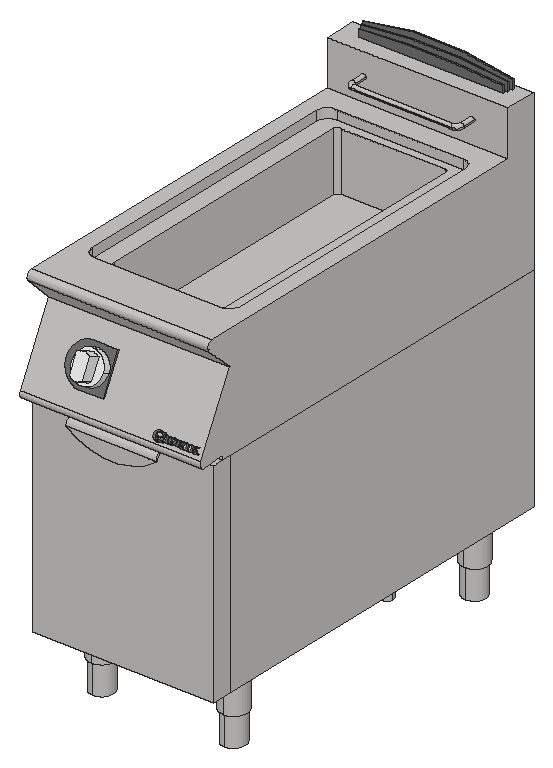
Revit family "QF_GIORIK_FG9417MP", category Specialty Equipment, Revit 2014
Parameters (values of type "FG9417MP")
  Weight in Pounds = 171.9604
  Watts = 200 W
  Volts = 230 V
  URL Cutsheet = "www.giorik.com"
  URL = "www.giorik.com"
  Status [instance] = ""
  Specification by User [instance] = ""
  Specification by Manufacturer = ""
  Show Logo [instance] = yes
  Show Clearance [instance] = yes
  Serial Number = ""
  Seismic Rating = ""
  SMACNA No = ""
  Revision Code [instance] = ""
  Phase = 1
  Number of Poles [instance] = 1
  NAFEM Spec ID Number = ""
  Model = "FG9417MP"
  Min Ckt Ampacity = 0 A
  Mechanical Remarks [instance] = "Natural Gas"
  Mechanical Connection Type [instance] = ""
  Max Overcurrent Protection = 0 A
  Masterspec = ""
  Manufacturer = "GIORIK"
  Item Number [instance] = ""
  Installed By [instance] = ""
  Identify Quantity as Lot [instance] = no
  HP = "0.268204000000"
  Gas Size = 1"
  Gas RI Height [instance] = 0 mm
  Gas KW = 16
  Gas Input = 16000 W
  Gas Connection Height [instance] = 150 mm
  Furnished By [instance] = ""
  Foodservice Equipment Identifier [instance] = yes
  FL Amps = 0 A
  Electrical Remarks [instance] = ""
  Electric Connection Type [instance] = ""
  Elec Conn RI Height [instance] = 0 mm
  Elec Conn Connection Height [instance] = 150 mm
  Description = "17 LITRE MELTING GAS FRYER."
  Cycle = 50 Hz
  Conn Plug = ""
  Conn Conduit [instance] = no
  CSI MasterFormat = ""
  Assembly Code = "E1090320"
  Apparent Power = 200 VA
Reference planes
  plane 1 "Back": y = 0
  plane 2: z = 0
  plane 3 "Left": x = 0
  plane 4 "Right": x = 400
  plane 5 "Front": y = -920
  plane 6 "Top": z = 900
Forms (mm)
  Extrusion 1, solid, visible <- "Show Logo"
    sketch origin (196.604, -936.761, 609.486) x (-1, 0, 0) y (0, 0.452718, 0.891654)
      loop
        line (-118.824, 58.358) -> (-127.804, 58.358) -> (-125.523, 56.445) -> (-125.523, 48.027) -> (-127.804, 46.113) -> (-118.824, 46.113) -> (-121.105, 48.027) -> (-121.105, 56.445) -> (-118.824, 58.358)
      loop
        line (-163.721, 58.358) -> (-172.7, 58.358) -> (-170.42, 56.445) -> (-170.42, 48.027) -> (-172.7, 46.113) -> (-163.721, 46.113) -> (-166.001, 48.027) -> (-166.001, 56.445) -> (-163.721, 58.358)
      loop
        line (-174.332, 58.358) -> (-183.312, 58.358) -> (-181.031, 56.445) -> (-181.031, 52.435) -> (-186.419, 56.955) -> (-184.416, 58.358) -> (-191.268, 58.358) -> (-188.01, 56.839) -> (-185.455, 54.283) -> (-190.846, 47.858) -> (-193.396, 46.93) -> (-193.396, 46.113) -> (-184.416, 46.113) -> (-185.437, 47.571) -> (-182.443, 51.552) -> (-181.031, 50.894) -> (-181.031, 48.027) -> (-183.312, 46.113) -> (-174.332, 46.113) -> (-176.613, 48.027) -> (-176.613, 56.445) -> (-174.332, 58.358)
      loop
        line (-115.429, 62.063) -> (-115.429, 54.198)
        arc (-115.429, 54.198) -> (-111.618, 57.803) -> (-106.847, 59.986) r 16.039
        arc (-106.847, 59.986) -> (-103.314, 59.837) -> (-100.512, 57.68) r 5.851
        arc (-100.512, 57.68) -> (-98.815, 52.267) -> (-100.512, 46.853) r 9.479
        arc (-100.512, 46.853) -> (-102.406, 44.986) -> (-104.846, 43.93) r 7.236
        arc (-104.846, 43.93) -> (-107.728, 44.111) -> (-110.052, 45.825) r 5.11
        line (-110.052, 45.825) -> (-110.052, 52.001) -> (-116.141, 52.001) -> (-116.141, 45.503) -> (-117.893, 43.751) -> (-114.094, 44.769)
        arc (-114.094, 44.769) -> (-112.56, 44.947) -> (-111.129, 44.366) r 3.115
        arc (-111.129, 44.366) -> (-104.216, 42.091) -> (-97.303, 44.366) r 11.641
        arc (-97.303, 44.366) -> (-93.396, 52.107) -> (-97.303, 59.849) r 9.622
        arc (-97.303, 59.849) -> (-104.369, 62.174) -> (-111.435, 59.849) r 11.898
        line (-111.435, 59.849) -> (-115.429, 62.063)
      loop
        arc (-129.234, 56.068) -> (-135.893, 58.628) -> (-142.552, 56.068) r 9.941
        arc (-142.552, 56.068) -> (-144.234, 52.286) -> (-142.552, 48.505) r 5.093
        arc (-142.552, 48.505) -> (-135.893, 45.945) -> (-129.234, 48.505) r 9.941
        arc (-129.234, 48.505) -> (-127.552, 52.286) -> (-129.234, 56.068) r 5.093
      loop
        arc (-132.628, 54.403) -> (-135.893, 57.668) -> (-139.158, 54.403) r 3.265
        line (-139.158, 54.403) -> (-139.158, 50.169)
        arc (-139.158, 50.169) -> (-135.893, 46.904) -> (-132.628, 50.169) r 3.265
        line (-132.628, 50.169) -> (-132.628, 54.403)
      loop
        arc (-156.363, 58.365) -> (-159.647, 55.081) -> (-156.363, 51.796) r 3.285
        line (-156.363, 51.796) -> (-159.529, 47.306) -> (-162.087, 46.113) -> (-155.847, 46.113) -> (-153.529, 51.083) -> (-150.637, 51.083) -> (-150.637, 47.784) -> (-153.022, 46.113) -> (-144.011, 46.113) -> (-146.094, 47.68) -> (-146.094, 56.493) -> (-144.229, 58.365) -> (-156.363, 58.365)
      loop
        line (-150.637, 57.512) -> (-153.637, 57.512)
        arc (-153.637, 57.512) -> (-156.237, 54.912) -> (-153.637, 52.312) r 2.6
        line (-153.637, 52.312) -> (-150.637, 52.312) -> (-150.637, 57.512)
      loop
        line (-108.924, 52.001) -> (-104.936, 49.005) -> (-100.948, 52.001) -> (-108.924, 52.001)
    from 1.5 to -0.5
  Extrusion 2, solid
    sketch origin (-16, 1025.81, 0) x (1, 0, 0) y (0, 1, 0)
      loop
        line (25, -1086.81) -> (25, -1156.81) -> (115, -1156.81) -> (115, -1086.81) -> (25, -1086.81)
    from 148 to 150
  Extrusion 3, solid
    sketch origin (-14, 0, 130) x (1, 0, 0) y (0, 1, 0)
      loop
        circle (54, -385) r 12.5
    from 0 to 20
  Extrusion 4, solid
    sketch origin (0, 800, -20) x (0, 1, 0) y (0, 0, 1)
      loop
        line (-800, 989.988) -> (-870, 989.988) -> (-870, 889.988) -> (-1688.806, 889.988)
        arc (-1688.806, 889.988) -> (-1699.151, 883.075) -> (-1696.724, 870.873) r 11.197
        line (-1696.724, 870.873) -> (-1640.876, 815.025) -> (-1718.948, 661.258)
        arc (-1718.948, 661.258) -> (-1718.233, 650.105) -> (-1708.118, 645.354) r 10.981
        line (-1708.118, 645.354) -> (-1660, 649.925) -> (-1660, 640) -> (-800, 640) -> (-800, 989.988)
    from 0 to 400
  Extrusion 5, solid
    sketch origin (0, -200, 599.536) x (1, 0, 0) y (0, 1, 0)
      loop
        line (0, -640) -> (40, -640) -> (40, 160) -> (360, 160) -> (360, -640) -> (400, -640) -> (400, 200) -> (0, 200) -> (0, -640)
    from -449.536 to 20.464
  Extrusion 6, solid
    sketch origin (0, -200, 0) x (1, 0, 0) y (0, 1, 0)
      loop
        line (40, 160) -> (40, -640) -> (360, -640) -> (360, 160) -> (40, 160)
    from 150 to 190
  Extrusion 7, solid
    sketch origin (-16, 360.81, 0) x (1, 0, 0) y (0, 1, 0)
      loop
        line (25, -1086.81) -> (25, -1156.81) -> (115, -1156.81) -> (115, -1086.81) -> (25, -1086.81)
    from 148 to 150
  Revolve 8, solid
    sketch origin (54, 360.81, 0) x (0, 1, 0) y (0, 0, 1)
      loop
        line (-1092.56, 66) -> (-1092.56, 148) -> (-1121.81, 148) -> (-1121.81, 0) -> (-1096.81, 0) -> (-1096.81, 66) -> (-1092.56, 66)
      axis (-1121.81, 0) -> (-1121.81, 148)
    angle from 0 to 360
  Revolve 9, solid
    sketch origin (54, 1025.81, 0) x (0, 1, 0) y (0, 0, 1)
      loop
        line (-1092.56, 66) -> (-1092.56, 148) -> (-1121.81, 148) -> (-1121.81, 0) -> (-1096.81, 0) -> (-1096.81, 66) -> (-1092.56, 66)
      axis (-1121.81, 0) -> (-1121.81, 148)
    angle from 0 to 360
  Extrusion 10, solid
    sketch origin (416, 360.81, 0) x (-1, 0, 0) y (0, -1, 0)
      loop
        line (25, 1086.81) -> (115, 1086.81) -> (115, 1156.81) -> (25, 1156.81) -> (25, 1086.81)
    from 148 to 150
  Revolve 11, solid
    sketch origin (346, 360.81, 0) x (0, 1, 0) y (0, 0, -1)
      loop
        line (-1092.56, -66) -> (-1096.81, -66) -> (-1096.81, 0) -> (-1121.81, 0) -> (-1121.81, -148) -> (-1092.56, -148) -> (-1092.56, -66)
      axis (-1121.81, 0) -> (-1121.81, -148)
    angle from 0 to 360
  Extrusion 12, solid
    sketch origin (416, -1217.81, 0) x (-1, 0, 0) y (0, -1, 0)
      loop
        line (25, -1086.81) -> (25, -1156.81) -> (115, -1156.81) -> (115, -1086.81) -> (25, -1086.81)
    from 148 to 150
  Revolve 13, solid
    sketch origin (346, -1217.81, 0) x (0, -1, 0) y (0, 0, 1)
      loop
        line (-1092.56, 66) -> (-1092.56, 148) -> (-1121.81, 148) -> (-1121.81, 0) -> (-1096.81, 0) -> (-1096.81, 66) -> (-1092.56, 66)
      axis (-1121.81, 0) -> (-1121.81, 148)
    angle from 0 to 360
  Extrusion 14, solid
    sketch origin (-293.221, -1163.345, 52.363) x (1, 0, 0) y (0, 0.452718, 0.891654)
      loop
        line (463.221, 676.25) -> (463.221, 766.25) -> (409.698, 766.25)
        arc (409.698, 766.25) -> (364.698, 721.25) -> (409.698, 676.25) r 45
        line (409.698, 676.25) -> (463.221, 676.25)
    from 48 to 50
  Extrusion 15, solid
    sketch origin (481.331, -1208.697, 74.959) x (-1, 0, 0) y (0, -0.45351, -0.891251)
      loop
        circle (351.331, -721.346) r 35
    from 0 to 15
  Extrusion 16, solid
    sketch origin (481.331, -1208.697, 74.959) x (-1, 0, 0) y (0, -0.45351, -0.891251)
      loop
        arc (336.331, -743.846) -> (351.331, -748.846) -> (366.331, -743.846) r 25
        line (366.331, -743.846) -> (366.331, -698.846)
        arc (366.331, -698.846) -> (351.331, -693.846) -> (336.331, -698.846) r 25
        line (336.331, -698.846) -> (336.331, -743.846)
    from 15 to 40
  Extrusion 17, solid
    sketch origin (-94, 0, 59.999) x (1, 0, 0) y (0, 0, 1)
      loop
        line (135, 909.989) -> (453, 909.989) -> (453, 925.527) -> (347.056, 931.749) -> (240.944, 931.749) -> (135, 925.527) -> (135, 909.989)
    from 32 to 35
  Extrusion 18, solid
    sketch origin (-92, 10, 59.999) x (1, 0, 0) y (0, 0, 1)
      loop
        line (454, 909.989) -> (454, 928.527) -> (346.162, 939.193) -> (237.838, 939.193) -> (130, 928.527) -> (130, 909.989) -> (454, 909.989)
    from 32 to 35
  Extrusion 19, solid
    sketch origin (-90, 20, 59.999) x (1, 0, 0) y (0, 0, 1)
      loop
        line (455, 909.989) -> (455, 930.527) -> (345.396, 947.413) -> (234.604, 947.413) -> (125, 930.527) -> (125, 909.989) -> (455, 909.989)
    from 32 to 35
  Extrusion 20, void
    sketch origin (0, -200, 819.988) x (0, 1, 0) y (-1, 0, 0)
      loop
        arc (80, -60) -> (72.678, -42.322) -> (55, -35) r 25
        line (55, -35) -> (-565.002, -35)
        arc (-565.002, -35) -> (-582.68, -42.322) -> (-590.002, -60) r 25
        line (-590.002, -60) -> (-590.002, -340)
        arc (-590.002, -340) -> (-582.68, -357.678) -> (-565.002, -365) r 25
        line (-565.002, -365) -> (55, -365)
        arc (55, -365) -> (72.678, -357.678) -> (80, -340) r 25
        line (80, -340) -> (80, -60)
    from -100 to 50
  Extrusion 21, solid
    sketch origin (0, -200, 900) x (0, 1, 0) y (-1, 0, 0)
      loop
        arc (80, -60) -> (72.678, -42.322) -> (55, -35) r 25
        line (55, -35) -> (-565.002, -35)
        arc (-565.002, -35) -> (-582.68, -42.322) -> (-590.002, -60) r 25
        line (-590.002, -60) -> (-590.002, -340)
        arc (-590.002, -340) -> (-582.68, -357.678) -> (-565.002, -365) r 25
        line (-565.002, -365) -> (55, -365)
        arc (55, -365) -> (72.678, -357.678) -> (80, -340) r 25
        line (80, -340) -> (80, -60)
      loop
        arc (60, -85.011) -> (57.071, -77.94) -> (50, -75.011) r 10
        line (50, -75.011) -> (-555.002, -75.011)
        arc (-555.002, -75.011) -> (-562.073, -77.94) -> (-565.002, -85.011) r 10
        line (-565.002, -85.011) -> (-565.002, -315)
        arc (-565.002, -315) -> (-562.073, -322.071) -> (-555.002, -325) r 10
        line (-555.002, -325) -> (50, -325)
        arc (50, -325) -> (57.071, -322.071) -> (60, -315) r 10
        line (60, -315) -> (60, -85.011)
    from -180.012 to -50
  Extrusion 22, solid
    sketch origin (0, -925, 0) x (1, 0, 0) y (0, 0, 1)
      loop
        line (0, 620) -> (0, 150) -> (400, 150) -> (400, 620) -> (0, 620)
    from -85 to -40
  Extrusion 23, solid
    sketch origin (0, -925, -20.1) x (0, 1, 0) y (0, 0, 1)
      loop
        arc (25, 640.1) -> (14.393, 635.707) -> (10, 625.1) r 15
        line (10, 625.1) -> (12, 625.1)
        arc (12, 625.1) -> (15.808, 634.292) -> (25, 638.1) r 13
        line (25, 638.1) -> (40, 638.1) -> (40, 640.1) -> (25, 640.1)
    from 97.5 to 297.5
  Extrusion 24, solid
    sketch origin (0, -924.905, -20.1) x (1, 0, 0) y (0, 0, 1)
      loop
        arc (97.5, 625.1) -> (197.5, 590.089) -> (297.5, 625.1) r 160.316
        line (297.5, 625.1) -> (97.5, 625.1)
    from -11.905 to -9.905
  Extrusion 25, solid, visible <- "Show Clearance", detail levels coarse
    sketch origin (395, -925, 0) x (-1, 0, 0) y (0, -1, 0)
      loop
        line (-5, -40) -> (395, -40)
        arc (395, -40) -> (277.534, 241.069) -> (-5, 354.968) r 395
        line (-5, 354.968) -> (-5, -40)
    from 150 to 620
  Extrusion 26, solid
    sketch origin (0, 0, 100) x (0, 1, 0) y (-1, 0, 0)
      loop
        circle (-380, -380) r 12.5
    from 30 to 50
  Sweep 27, solid
    path origin (0, 0, 919.988) x (0, 1, 0) y (-1, 0, 0)
      loop
        line (-70, -80) -> (-100, -80)
        arc (-100, -80) -> (-107.071, -82.929) -> (-110, -90) r 10
        line (-110, -90) -> (-110, -310)
        arc (-110, -310) -> (-107.071, -317.071) -> (-100, -320) r 10
        line (-100, -320) -> (-70, -320)
    profile origin (80, -85, 919.988) x (1, 0, 0) y (0, 0, 1)
      loop
        circle (0, 0) r 5
Cuts and joins
  Extrusion 20 cuts Extrusion 4
Lines and regions (mm)
  symbolic lines, style "200-EquipBorder-2D"
    curve 1: line (0, -920, 0) -> (400, -920, 0)
    curve 2: line (400, -920, 0) -> (400, 0, 0)
    curve 3: line (400, 0, 0) -> (0, 0, 0)
    curve 4: line (0, 0, 0) -> (0, -920, 0)
  symbolic lines, style "200-EquipInternal-2D"
    curve 5: line (35, -12, 900) -> (365, -12, 900)
    curve 6: line (365, -12, 900) -> (365, -15, 900)
    curve 7: line (365, -15, 900) -> (35, -15, 900)
    curve 8: line (35, -15, 900) -> (35, -12, 900)
    curve 9: line (38, -22, 900) -> (362, -22, 900)
    curve 10: line (362, -22, 900) -> (362, -25, 900)
    curve 11: line (362, -25, 900) -> (38, -25, 900)
    curve 12: line (38, -25, 900) -> (38, -22, 900)
    curve 13: line (41, -32, 900) -> (359, -32, 900)
    curve 14: line (359, -32, 900) -> (359, -35, 900)
    curve 15: line (359, -35, 900) -> (41, -35, 900)
    curve 16: line (41, -35, 900) -> (41, -32, 900)
    curve 17: line (340, -120, 900) -> (60, -120, 900)
    curve 18: arc (60, -120, 900) -> (42.322, -127.322, 900) -> (35, -145, 900) r 25
    curve 19: line (35, -145, 900) -> (35, -765, 900)
    curve 20: arc (365, -145, 900) -> (357.678, -127.322, 900) -> (340, -120, 900) r 25
    curve 21: arc (340, -790, 900) -> (356.212, -784.031, 900) -> (364.682, -768.975, 900) r 25
    curve 22: line (60, -790, 900) -> (340, -790, 900)
    curve 23: arc (35, -765, 900) -> (42.322, -782.678, 900) -> (60, -790, 900) r 25
    curve 24: line (365, -765.002, 900) -> (365, -145, 900)
    curve 27: line (85, -140, 900) -> (315, -140, 900)
    curve 28: line (325, -150, 900) -> (325, -755.002, 900)
    curve 29: line (75, -755.002, 900) -> (75, -150, 900)
    curve 30: line (315, -765.002, 900) -> (85, -765.002, 900)
    curve 31: arc (85, -140, 900) -> (77.929, -142.929, 900) -> (75, -150, 900) r 10
    curve 32: arc (315, -140, 900) -> (322.071, -142.929, 900) -> (325, -150, 900) r 10
    curve 33: arc (75, -755.002, 900) -> (77.929, -762.073, 900) -> (85, -765.002, 900) r 10
    curve 34: arc (315, -765.002, 900) -> (322.071, -762.073, 900) -> (325, -755.002, 900) r 10
    curve 35: line (80, -70, 900) -> (80, -99.667, 900)
    curve 36: line (90, -100, 900) -> (90, -70, 900)
    curve 37: line (94.989, -104.989, 900) -> (315.27, -104.989, 900)
    curve 38: line (320.032, -100.227, 900) -> (320.032, -70, 900)
    curve 39: line (330.032, -70, 900) -> (330.032, -100.301, 900)
    curve 40: line (315.333, -115, 900) -> (95.333, -115, 900)
    curve 41: arc (95.333, -115, 900) -> (84.491, -110.509, 900) -> (80, -99.667, 900) r 15.333
    curve 42: arc (90, -100, 900) -> (91.461, -103.528, 900) -> (94.989, -104.989, 900) r 4.989
    curve 43: arc (315.333, -115, 900) -> (325.727, -110.695, 900) -> (330.032, -100.301, 900) r 14.699
    curve 44: arc (320.032, -100.227, 900) -> (318.637, -103.594, 900) -> (315.27, -104.989, 900) r 4.762
    curve 45: line (0, -70, 900) -> (400, -70, 900)
  symbolic lines, style "QF_Door-Drawer Clearances", visible <- "Show Clearance", detail levels coarse
    curve 25: arc (400, -1279.968, 0) -> (130.204, -1178.101, 0) -> (1.554, -920, 0) r 395
    curve 26: line (400, -920, 0) -> (400, -1279.968, 0)
Dimensions and locks
  plane 3 "Left" to plane 4 "Right" = 400 mm
  plane 5 "Front" to plane 1 "Back" = 920 mm
  plane 4 "Right" to plane 3 "Left" = 400 mm
  plane 1 "Back" to plane 5 "Front" = 920 mm
  plane 6 "Top" to level = 900 mm  (x2)
  aligned and locked: level to plane 2
Connectors
  electrical at (380, -380, 130), driven by "Apparent Power", driven by "Volts", driven by "Number of Poles"
    settings: on Extrusion 26, index 1, voltage 230 V, apparent load 0 VA, apparent load phase1 200 VA, apparent load phase2 0 VA, apparent load phase3 0 VA, power factor 1, load classification "Other", number of poles 1, system type 31, power factor state 1, is connector primary yes, connector utility no, sub classification motor no, connector description "Electrical connection"
  piping at (40, -385, 130), diameter 25.4, driven by "Gas Size"
    settings: on Extrusion 3, index 2, connector inside diameter 24", connector length 0 mm, flow factor 0, pipe flow 0.0 L/s, pressure drop 0.0 Pa, fitting loss kfactor 0, connector angle 0.00°, fixture units 0, engagement length 0 mm, angle of deflection 0.00°, flow configuration 1, flow direction 1, fitting loss method 0, system type 22, joint type 0, gender type 0, connector reference index -1, connector utility 0, adjustable connector no, is connector primary yes, connector description "Gas inlet"
